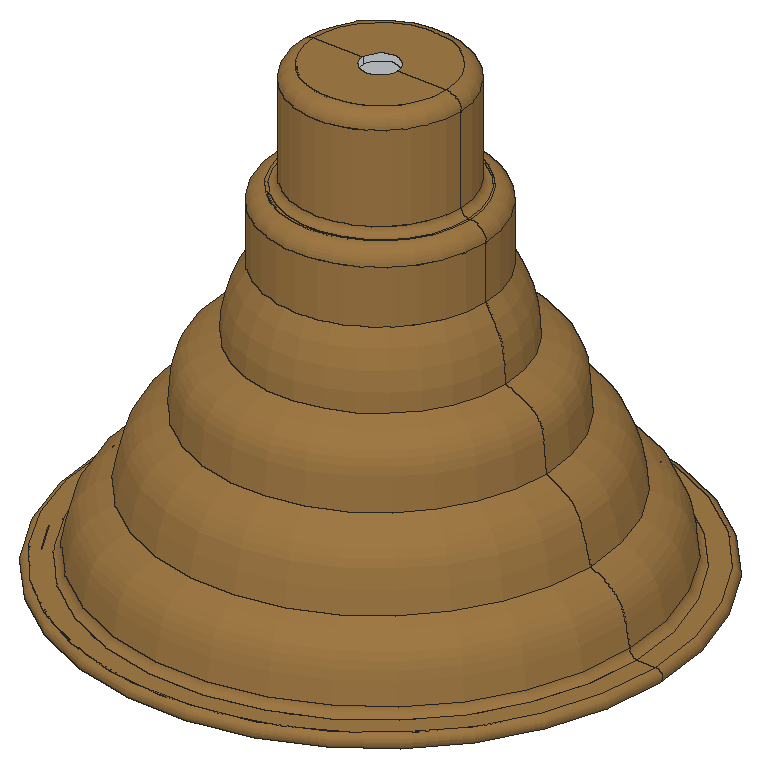
Revit family "BH08 SHADE", category Lighting Fixtures, Revit 2024
Family settings
  Round Connector Dimension = Use Diameter
  Part Type = Normal
  OmniClass Number = 23.80.70.00
  OmniClass Title = Lighting
  Work Plane-Based = No
  Always vertical = Yes
  Cut with Voids When Loaded = No
  Light Source = Yes
  Maintain Annotation Orientation = No
  Shared = No
  Room Calculation Point = No
Parameters
  Wattage = 12.1178 W
  built-in parameter 1150110 = 1 (stored number, unit not read)
  built-in parameter 1114217 = 1 (stored number, unit not read)
  built-in parameter 1150109 = 1 (stored number, unit not read)
  built-in parameter 1150134 = (empty or 0)
  built-in parameter 1150113 = 1 (stored number, unit not read)
  Lumens = 1800 lm
  built-in parameter 1150115 = 1 (stored number, unit not read)
  built-in parameter 1150105 = 572.96 (stored number, unit not read)
  Light Source Symbol Size = 2' - 0"
  built-in parameter 1150137 = (empty or 0)
  built-in parameter 1150139 = (empty or 0)
  built-in parameter 1150112 = 1 (stored number, unit not read)
  built-in parameter 1150114 = 1 (stored number, unit not read)
  built-in parameter 1150132 = 2
  built-in parameter 1150102 = (empty or 0)
  built-in parameter 1150138 = (empty or 0)
  built-in parameter 1150107 = 3000 (stored number, unit not read)
  built-in parameter 1150106 = 5.7296 (stored number, unit not read)
  built-in parameter 1150104 = 13.8 (stored number, unit not read)
  Dimming Lamp Color Temperature Shift = (empty or 0)
  Default Elevation = 0' - 0"
  Color Filter = 16777215
  built-in parameter 1114218 = 1 (stored number, unit not read)
  built-in parameter 1150133 = 10 (stored number, unit not read)
Reference planes (in)
  plane 1 "Light Source Axis (F/B)": y = 0
  plane 2: z = 0
  plane 3 "Light Source Axis (L/R)": x = 0
  plane 4 "Light Source Elevation": z = 84
Forms (in)
  Revolve 1, solid
    sketch origin (0, 0, 0) x (1, 0, 0) y (0, 0, 1)
      loop
        line (-0.25, 90.50002) -> (-0.943, 90.50002)
        arc (-0.943, 90.50002) -> (-1.08442, 90.44144) -> (-1.143, 90.30002) r 0.2
        line (-1.143, 90.30002) -> (-1.143, 89.07696)
        arc (-1.143, 89.07696) -> (-1.17384, 89.00249) -> (-1.24831, 88.97165) r 0.10531
        line (-1.24831, 88.97165) -> (-1.28069, 88.97165)
        arc (-1.28069, 88.97165) -> (-1.4337, 88.90827) -> (-1.49707, 88.75527) r 0.21638
        line (-1.49707, 88.75527) -> (-1.49707, 87.99872)
        arc (-1.49707, 87.99872) -> (-1.719, 87.55387) -> (-1.78377, 87.06097) r 1.50386
        spline (-1.78377, 87.06097) -> (-1.9635, 86.98908) -> (-2.08368, 86.92755) -> (-2.1609, 86.87279) -> (-2.21173, 86.82121) -> (-2.25038, 86.76911) -> (-2.28106, 86.71236) -> (-2.30529, 86.64673) -> (-2.32462, 86.56798) -> (-2.34037, 86.47272) -> (-2.35247, 86.36361) -> (-2.36022, 86.24583) -> (-2.36296, 86.12455)
        spline (-2.36296, 86.12455) -> (-2.53957, 86.03159) -> (-2.65175, 85.95208) -> (-2.72252, 85.88223) -> (-2.77364, 85.81833) -> (-2.81422, 85.75753) -> (-2.84612, 85.69747) -> (-2.87122, 85.63548) -> (-2.89254, 85.5662) -> (-2.91372, 85.48281) -> (-2.9381, 85.37934) -> (-2.96391, 85.26432) -> (-2.98493, 85.15886)
        spline (-2.98493, 85.15886) -> (-3.1067, 85.10474) -> (-3.20377, 85.04465) -> (-3.27872, 84.98458) -> (-3.33462, 84.9287) -> (-3.37607, 84.87541) -> (-3.40796, 84.82199) -> (-3.43476, 84.76542) -> (-3.45848, 84.70123) -> (-3.48028, 84.62439) -> (-3.50123, 84.53073) -> (-3.52167, 84.4241) -> (-3.54152, 84.31283)
        arc (-3.54152, 84.31283) -> (-3.57302, 84.24215) -> (-3.63716, 84.19886) r 0.14054
        line (-3.63716, 84.19886) -> (-3.91508, 84.19886)
        arc (-3.91508, 84.19886) -> (-3.9632, 84.0225) -> (-3.80013, 84.10511) r 0.1
        line (-3.80013, 84.10511) -> (-3.6242, 84.10511)
        arc (-3.6242, 84.10511) -> (-3.5094, 84.17263) -> (-3.44995, 84.2918) r 0.23429
        spline (-3.44995, 84.2918) -> (-3.42965, 84.40693) -> (-3.40905, 84.51503) -> (-3.38844, 84.60654) -> (-3.36773, 84.67792) -> (-3.3458, 84.73533) -> (-3.32119, 84.78537) -> (-3.29243, 84.83118) -> (-3.25398, 84.87749) -> (-3.19862, 84.92952) -> (-3.12279, 84.98604) -> (-3.02465, 85.04076) -> (-2.90039, 85.08814)
        spline (-2.90039, 85.08814) -> (-2.88084, 85.19755) -> (-2.85618, 85.31915) -> (-2.83282, 85.42804) -> (-2.81298, 85.51269) -> (-2.7936, 85.57909) -> (-2.77119, 85.63596) -> (-2.74214, 85.69154) -> (-2.70361, 85.74999) -> (-2.65367, 85.81316) -> (-2.58457, 85.87979) -> (-2.4658, 85.9617) -> (-2.26846, 86.06445)
        spline (-2.26846, 86.06445) -> (-2.26944, 86.19015) -> (-2.26501, 86.31221) -> (-2.25576, 86.4242) -> (-2.24262, 86.51876) -> (-2.22614, 86.59262) -> (-2.20599, 86.64962) -> (-2.18057, 86.69744) -> (-2.14671, 86.74373) -> (-2.1015, 86.78917) -> (-2.02419, 86.84294) -> (-1.89188, 86.911) -> (-1.68602, 86.99617)
        arc (-1.68602, 86.99617) -> (-1.63481, 87.50816) -> (-1.40332, 87.96769) r 1.41011
        line (-1.40332, 87.96769) -> (-1.40332, 88.75527)
        arc (-1.40332, 88.75527) -> (-1.36741, 88.84198) -> (-1.28069, 88.8779) r 0.12263
        line (-1.28069, 88.8779) -> (-1.24831, 88.8779)
        arc (-1.24831, 88.8779) -> (-1.10755, 88.9362) -> (-1.04925, 89.07696) r 0.19906
        line (-1.04925, 89.07696) -> (-1.04925, 90.30002)
        arc (-1.04925, 90.30002) -> (-1.01813, 90.37515) -> (-0.943, 90.40627) r 0.10625
        line (-0.943, 90.40627) -> (-0.25, 90.40627) -> (-0.25, 90.50002)
      axis (0, 90.50002) -> (0, 84.10511)
    angle from 0 to 360
Dimensions and locks (in)
  aligned and locked: plane 3 "Light Source Axis (L/R)" to imposter light
  aligned and locked: plane 1 "Light Source Axis (F/B)" to imposter light
  aligned and locked: plane 4 "Light Source Elevation" to imposter light
  aligned and locked: level to plane 2
